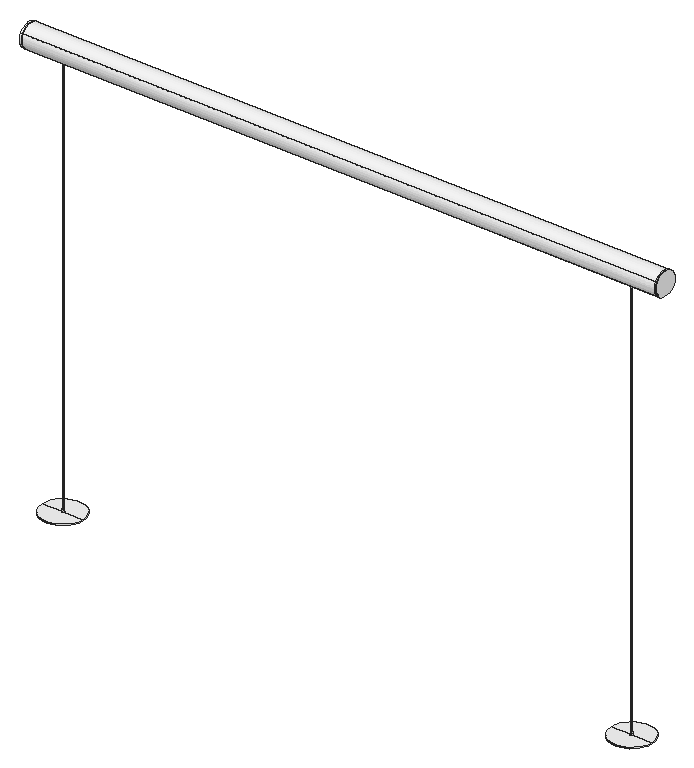
Revit family "BRITUBE LINEAR LIGHT", category Lighting Fixtures, host Face, Revit 2020
Family settings
  Host = Face
  Round Connector Dimension = Use Diameter
  Part Type = Normal
  Cut with Voids When Loaded = No
  Light Source = Yes
  Shared = No
  Room Calculation Point = No
Parameters (values of type "BIT24ID80SW8")
  Wattage Comments = "80 W"
  Wattage = 61.9354 W
  built-in parameter 1150110 = 1 (stored number, unit not read)
  Voltage = "120-347 V"  # constant formula
  URL = "https://www.abovealllighting.com/product/LED-INDOOR-FIXTURE/Pendant/BritubeLinearLight.html"
  Type Comments = "BRITUBE LINEAR LIGHT"
  built-in parameter 1114217 = 1 (stored number, unit not read)
  Tilt Angle = -90.00°
  built-in parameter 1150109 = 1 (stored number, unit not read)
  built-in parameter 1150134 = 12
  Suspender Height = 5' - 0"
  built-in parameter 1150113 = 1 (stored number, unit not read)
  Power Factor = 1
  Photometric Web File = "generic"
  Order number = "16149"
  Model = "BIT12ID80SW8"
  Manufacturer = "Above All Lighting"
  built-in parameter 1150105 = 2149.5 (stored number, unit not read)
  Lumens = 9200 lm
  built-in parameter 1150115 = 1 (stored number, unit not read)
  Load Classification = Lighting
  built-in parameter 1150137 = (empty or 0)
  built-in parameter 1150139 = (empty or 0)
  built-in parameter 1150112 = 1 (stored number, unit not read)
  built-in parameter 1150114 = 1 (stored number, unit not read)
  Inside Body Material = Glasss
  built-in parameter 1150132 = 2
  built-in parameter 1150102 = (empty or 0)
  built-in parameter 1150107 = 4000 (stored number, unit not read)
  built-in parameter 1150138 = (empty or 0)
  built-in parameter 1150106 = 21.495 (stored number, unit not read)
  IP Rating = "20"  # constant formula
  Fixture Length = 7' - 10 5/256"
  Finish/Color = White Aluminum
  built-in parameter 1150104 = 13.8 (stored number, unit not read)
  Dimming Lamp Color Temperature Shift = <None>
  Dimming / Control = "0-10 V"  # constant formula
  Description = "The Britube linear fixture features in streamline tube shape with aluminum base and frosted polycar-\r\nbonate lens. It is designed to deliver direct and indirect lighting to commercial spaces."
  Default Elevation = 0' - 0"
  Color Filter = 16777215
  CRI = ">80"  # constant formula
  built-in parameter 1114218 = 1 (stored number, unit not read)
  B = (Fixture Length / 2) - 0' 5"  # 3' - 6.00977"
  Average life based on 77F(HRS) = "50000"  # constant formula
  built-in parameter 1150133 = 10 (stored number, unit not read)
  Apparent Load = 0 VA
Types (4): name | Wattage Comments | Wattage | built-in parameter 1150134 | Photometric Web File | Order number | Model | built-in parameter 1150105 | Lumens | built-in parameter 1150107 | built-in parameter 1150106 | Fixture Length | B
  (no name) | "80 W" | 61.9354 W | 12 | "generic" | "16149" | "BIT12ID80SW8" | 2149.5 (stored number, unit not read) | 9200 lm | 4000 (stored number, unit not read) | 21.495 (stored number, unit not read) | 7' - 10 5/256" | 3' - 6.00977"
  BIT12ID40SW-35-8 | "40 W" | 29.6213 W | (empty or 0) | "BIT12ID40SW8_(3500K) (1).ies" | "16147" | "BIT12ID40SW8" | 350.14 (stored number, unit not read) | 4400 lm | 3500 (stored number, unit not read) | 3.5014 (stored number, unit not read) | 3' - 11 11/64" | 1' - 6 75/128"
  BIT24ID80SW8 | "80 W" | 61.9354 W | 12 | "generic" | "16149" | "BIT12ID80SW8" | 2149.5 (stored number, unit not read) | 9200 lm | 4000 (stored number, unit not read) | 21.495 (stored number, unit not read) | 7' - 10 5/256" | 3' - 6.00977"
  BIT12ID40SW-40-8 | "40 W" | 29.6213 W | 12 | "BIT12ID40SW8_(4000K).ies" | "16147" | "BIT12ID40SW8" | 350.14 (stored number, unit not read) | 4400 lm | 4000 (stored number, unit not read) | 3.5014 (stored number, unit not read) | 3' - 11 11/64" | 1' - 6 75/128"
Reference planes (in)
  plane 1 "Center (Front/Back)": y = 0
  plane 2: z = 0
  plane 3 "Center (Left/Right)": x = 0
  plane 4: z = 60
  plane 5: z = 63.23
  plane 6: x = -47.00977
  plane 7: x = 47.00977
  plane 8: x = -42.00977
  plane 9: x = 42.00977
Forms (in)
  Revolve 1, solid, material "White Aluminum" <- "Finish/Color"
    sketch origin (0, 0, 0) x (1, 0, 0) y (0, 0, 1)
      loop
        line (-42.00977, 0) -> (-42.00977, 60) -> (-42.07717, 60) -> (-42.1625, 60) -> (-42.1625, 59.66576) -> (-42.12457, 59.66576) -> (-42.12457, 59.54013) -> (-42.07717, 59.54013) -> (-42.07717, 0.47374) -> (-42.10851, 0.47374) -> (-42.10851, 0.32106) -> (-42.15297, 0.32106) -> (-42.15297, 0.15361)
        arc (-42.15297, 0.15361) -> (-42.15922, 0.13851) -> (-42.17432, 0.13226) r 0.02135
        line (-42.17432, 0.13226) -> (-45.00977, 0.13226) -> (-45.00977, 0) -> (-42.00977, 0)
      axis (-42.00977, 60) -> (-42.00977, 0)
    angle from 0 to 360
  Revolve 2, solid, material "White Aluminum" <- "Finish/Color"
    sketch origin (0, 0, 0) x (-1, 0, 0) y (0, 0, 1)
      loop
        line (-42.00977, 0) -> (-42.00977, 60) -> (-42.07717, 60) -> (-42.1625, 60) -> (-42.1625, 59.66576) -> (-42.12457, 59.66576) -> (-42.12457, 59.54013) -> (-42.07717, 59.54013) -> (-42.07717, 0.47374) -> (-42.10851, 0.47374) -> (-42.10851, 0.32106) -> (-42.15297, 0.32106) -> (-42.15297, 0.15361)
        arc (-42.15297, 0.15361) -> (-42.15922, 0.13851) -> (-42.17432, 0.13226) r 0.02135
        line (-42.17432, 0.13226) -> (-45.00977, 0.13226) -> (-45.00977, 0) -> (-42.00977, 0)
      axis (-42.00977, 60) -> (-42.00977, 0)
    angle from 0 to 360
Dimensions and locks (in)
  "Suspender Height": plane 4 to plane 2
  locked: plane 5 to plane 4 at 3.23
  equal spacing: plane 6, plane 3 "Center (Left/Right)", plane 7
  "Fixture Length": plane 6 to plane 7
  "B": plane 3 "Center (Left/Right)" to plane 8
  plane 8 to plane 6 = 0' - 5"
  "B": plane 9 to plane 3 "Center (Left/Right)"
  locked: Revolve 1 sketch curve to Revolve 1 sketch curve at 3
  locked: Revolve 1 sketch curve to Revolve 1 sketch curve at 0.13226
  locked: Revolve 2 sketch curve to Revolve 2 sketch curve at 3
  locked: Revolve 2 sketch curve to Revolve 2 sketch curve at 0.13226
  locked: Revolve 2 sketch curve to Revolve 2 sketch curve at 0.0674
  locked: Revolve 1 sketch curve to Revolve 1 sketch curve at 0.0674
  locked: Revolve 2 sketch curve to Revolve 2 sketch curve at 0.33424
  locked: Revolve 2 sketch curve to Revolve 2 sketch curve at 0.15273
  aligned and locked: plane 2 to host face
  aligned and locked: level to host face
  aligned and locked: plane 4 to nested 1
  aligned and locked: Revolve 1 sketch curve to plane 8  (x2)
  aligned and locked: Revolve 1 to plane 2  (x2)
  aligned and locked: Revolve 1 to plane 4  (x2)
  aligned and locked: plane 5 to imposter light
  aligned and locked: plane 3 "Center (Left/Right)" to imposter light
  aligned and locked: plane 2 to Revolve 2
  aligned and locked: Revolve 2 sketch curve to plane 9  (x2)
  aligned and locked: plane 4 to Revolve 2
  aligned and locked: plane 4 to Revolve 2 sketch curve
  aligned and locked: Revolve 1 sketch curve to plane 4
Automatic sketch dimensions
  host sketch curve to host sketch curve = 8' - 0"  (x2)
  Revolve 1 sketch curve to level = 0' - 0"
  Revolve 1 sketch curve to plane 4 = 0' - 0"
  Revolve 1 sketch curve to plane 8 = 0' - 0.16455"
  Revolve 1 sketch curve to plane 8 = 0' - 0.1432"
  Revolve 1 sketch curve to Revolve 1 sketch curve = 0' - 0.03792"
  Revolve 1 sketch curve to Revolve 1 sketch curve = 0' - 0.04446"
  Revolve 1 sketch curve to plane 8 = 0' - 0.0674"
  Revolve 1 sketch curve to Revolve 1 sketch curve = 0' - 0.0474"
  Revolve 1 sketch curve to Revolve 1 sketch curve = 0' - 0.16745"
  Revolve 1 sketch curve to Revolve 1 sketch curve = 0' - 0.15268"
  Revolve 1 sketch curve to plane 4 = 0' - 0.45987"
  Revolve 1 sketch curve to Revolve 1 sketch curve = 0' - 0.12563"
  Revolve 1 sketch curve to Revolve 1 sketch curve = 0' - 3.29013"
  Revolve 2 sketch curve to level = 0' - 0"
  Revolve 2 sketch curve to plane 4 = 0' - 0"
  Revolve 2 sketch curve to plane 9 = 0' - 0.16455"
  Revolve 2 sketch curve to plane 9 = 0' - 0.1432"
  Revolve 2 sketch curve to Revolve 2 sketch curve = 0' - 0.03792"
  Revolve 2 sketch curve to Revolve 2 sketch curve = 0' - 0.04446"
  Revolve 2 sketch curve to plane 9 = 0' - 0.0674"
  Revolve 2 sketch curve to Revolve 2 sketch curve = 0' - 0.16745"
  Revolve 2 sketch curve to Revolve 2 sketch curve = 0' - 0.15268"
  Revolve 2 sketch curve to Revolve 2 sketch curve = 0' - 0.12563"
  Revolve 2 sketch curve to Revolve 2 sketch curve = 0' - 3.29013"
Nested families (in)
  nested 1: "Family2" at (0, 0, 59.81596), Fixture Length <- "Fixture Length", Body Material <- "Finish/Color", Inside Body Material <- "Inside Body Material", type "Family2"
    with Inside Body Material Glasss, Fixture Length 7' - 10 5/256", Body Material White Aluminum
Connectors (in)
  electrical at (0, 0, 0), driven by "Load Classification", driven by "Apparent Load", driven by "Power Factor"
    settings: on host face, index 1, voltage 0 V, apparent load 0 VA, apparent load phase1 0 VA, apparent load phase2 0 VA, apparent load phase3 0 VA, power factor 1, load classification "Lighting", number of poles 1, system type 30, power factor state 1, is connector primary yes, connector utility no, sub classification motor no, connector description ""
Definition of nested family "Family2"
  Parameters (values of type "Family2")
    Inside Body Material [instance] = none
    Fixture Width = 0' - 2.34"
    Fixture Length [instance] = 5' - 0"
    Default Elevation = 0' - 0"
    Body Material [instance] = none
  Reference planes (in)
    plane 1 "Center (Front/Back)": y = 0
    plane 2: z = 0
    plane 3 "Center (Left/Right)": x = 0
    plane 4: x = -30
    plane 5: x = 30
    plane 6: y = 1.17
    plane 7: y = -1.17
    plane 8: z = 0.18404
    plane 9: z = 3.41404
    plane 10: x = -29.75
    plane 11: x = 29.75
  Forms (in)
    Sweep 1, solid, material <- "Body Material"
      path origin (0, 0, 3.64404) x (0, -1, 0) y (1, 0, 0)
        loop
          line (0, -29.75) -> (0, 29.75)
      profile origin (0, 0, 3.64404) x (0, 1, 0) y (0, 0, 1)
        loop
          arc (0.71889, -3.46) -> (1.61471, -2.4405) -> (1.47535, -1.09052) r 1.695
          line (1.47535, -1.09052) -> (-1.47535, -1.09052)
          arc (-1.47535, -1.09052) -> (-1.61471, -2.4405) -> (-0.71889, -3.46) r 1.695
          line (-0.71889, -3.46) -> (0.71889, -3.46)
    Sweep 2, solid, material <- "Body Material"
      path origin (0, 0, 0) x (1, 0, 0) y (0, 1, 0)
        loop
          line (-28.5, 0) -> (28.5, 0)
      profile origin (0, 0, 0) x (0, 1, 0) y (0, 0, 1)
        loop
          line (0.51617, 0) -> (0.51617, 0.0324) -> (0.51617, 0.18404) -> (0.47206, 0.18404) -> (0.47206, 0.04802) -> (-0.47206, 0.04802) -> (-0.47206, 0.18404) -> (-0.51617, 0.18404) -> (-0.51617, 0.04802) -> (-0.51617, 0) -> (0.51617, 0)
    Sweep 3, solid, material <- "Inside Body Material"
      path origin (0, 0, 0) x (1, 0, 0) y (0, 1, 0)
        loop
          line (-29.75, 0) -> (29.75, 0)
      profile origin (0, 0, 0) x (0, 1, 0) y (0, 0, 1)
        loop
          line (-1.47535, 2.55353) -> (1.47535, 2.55353)
          arc (1.47535, 2.55353) -> (0, 3.41404) -> (-1.47535, 2.55353) r 1.695
    Sweep 4, solid, material <- "Body Material"
      path origin (0, 0, 0) x (1, 0, 0) y (0, 1, 0)
        loop
          line (-30, 0) -> (-29.75, 0)
      profile origin (-29.875, 0, 0) x (0, 1, 0) y (0, 0, 1)
        loop
          arc (-1.47535, 2.55353) -> (-1.61471, 1.20354) -> (-0.71889, 0.18404) r 1.695
          line (-0.71889, 0.18404) -> (0.71889, 0.18404)
          arc (0.71889, 0.18404) -> (1.61471, 1.20354) -> (1.47535, 2.55353) r 1.695
          arc (1.47535, 2.55353) -> (0, 3.41404) -> (-1.47535, 2.55353) r 1.695
    Sweep 5, solid, material <- "Body Material"
      path origin (0, 0, 0) x (-1, 0, 0) y (0, 1, 0)
        loop
          line (-30, 0) -> (-29.75, 0)
      profile origin (29.875, 0, 0) x (0, -1, 0) y (0, 0, 1)
        loop
          arc (1.47535, 2.55353) -> (0, 3.41404) -> (-1.47535, 2.55353) r 1.695
          arc (-1.47535, 2.55353) -> (-1.61471, 1.20354) -> (-0.71889, 0.18404) r 1.695
          line (-0.71889, 0.18404) -> (0.71889, 0.18404)
          arc (0.71889, 0.18404) -> (1.61471, 1.20354) -> (1.47535, 2.55353) r 1.695
  Dimensions and locks (in)
    equal spacing: plane 4, plane 3 "Center (Left/Right)", plane 5
    "Fixture Length": plane 4 to plane 5
    equal spacing: plane 6, plane 1 "Center (Front/Back)", plane 7
    "Fixture Width": plane 6 to plane 7
    equal spacing: Sweep 2 sketch curve, plane 3 "Center (Left/Right)", Sweep 2 sketch curve
    equal spacing: Sweep 2 sketch curve, profile plane, Sweep 2 sketch curve
    locked: Sweep 2 sketch curve to Sweep 2 sketch curve at 0.04802
    locked: Sweep 2 sketch curve to Sweep 2 sketch curve at 0.0441
    plane 9 to plane 8 = 0' - 3.23"
    locked: plane 11 to plane 5 at 0.25
    locked: plane 4 to plane 10 at 0.25
    aligned and locked: plane 2 to level
    aligned and locked: Sweep 2 sketch curve to plane 8
    aligned and locked: plane 8 to Sweep 2 sketch curve
    aligned and locked: plane 10 to Sweep 1 sketch curve
    aligned and locked: plane 11 to Sweep 1 sketch curve
    aligned and locked: plane 11 to Sweep 3 sketch curve
    aligned and locked: plane 10 to Sweep 3 sketch curve
    aligned and locked: plane 4 to Sweep 4 sketch curve
    aligned and locked: Sweep 3 to Sweep 4 sketch curve
    aligned and locked: plane 5 to Sweep 5 sketch curve
    aligned and locked: plane 11 to Sweep 5 sketch curve
  Automatic sketch dimensions
    plane 1 "Center (Front/Back)" to Sweep 1 sketch curve = 0' - 0"
    Sweep 1 sketch curve to Sweep 1 sketch curve = 0' - 0"  (x2)
    Sweep 1 sketch curve to profile plane = 0' - 0"
    profile plane to Sweep 1 sketch curve = 0' - 0.71889"
    profile plane to Sweep 1 sketch curve = 0' - 1.47535"
    Sweep 1 sketch curve to profile plane = 0' - 0.71889"
    Sweep 1 sketch curve to profile plane = 0' - 3.46"
    Sweep 1 sketch curve to Sweep 1 sketch curve = 0' - 1.535"
    plane 1 "Center (Front/Back)" to Sweep 2 sketch curve = 0' - 0"
    plane 10 to Sweep 2 sketch curve = 0' - 1 1/4"
    Sweep 2 sketch curve to level = 0' - 0"
    level to Sweep 2 sketch curve = 0' - 0.04802"
    profile plane to Sweep 2 sketch curve = 0' - 0.51617"
    Sweep 2 sketch curve to Sweep 2 sketch curve = 0' - 0.0441"
    level to Sweep 2 sketch curve = 0' - 0.0324"
    plane 1 "Center (Front/Back)" to Sweep 3 sketch curve = 0' - 0"
    Sweep 3 sketch curve to profile plane = 0' - 0"
    profile plane to Sweep 3 sketch curve = 0' - 1.47535"
    level to Sweep 3 sketch curve = 0' - 1.71904"
    Sweep 3 sketch curve to Sweep 3 sketch curve = 0' - 0.83448"
    plane 1 "Center (Front/Back)" to Sweep 4 sketch curve = 0' - 0"
    Sweep 4 sketch curve to Sweep 4 sketch curve = 0' - 0"  (x6)
    Sweep 4 sketch curve to profile plane = 0' - 0"
    level to Sweep 4 sketch curve = 0' - 0.18404"
    profile plane to Sweep 4 sketch curve = 0' - 0.71889"
    Sweep 4 sketch curve to Sweep 4 sketch curve = 0' - 1.535"
    profile plane to Sweep 4 sketch curve = 0' - 1.47535"
    Sweep 4 sketch curve to profile plane = 0' - 1.47535"
    plane 1 "Center (Front/Back)" to Sweep 5 sketch curve = 0' - 0"
    Sweep 5 sketch curve to Sweep 5 sketch curve = 0' - 0"  (x6)
    Sweep 5 sketch curve to profile plane = 0' - 0"
    level to Sweep 5 sketch curve = 0' - 0.18404"
    profile plane to Sweep 5 sketch curve = 0' - 0.71889"
    Sweep 5 sketch curve to Sweep 5 sketch curve = 0' - 1.535"
    profile plane to Sweep 5 sketch curve = 0' - 1.47535"
    Sweep 5 sketch curve to profile plane = 0' - 1.47535"
